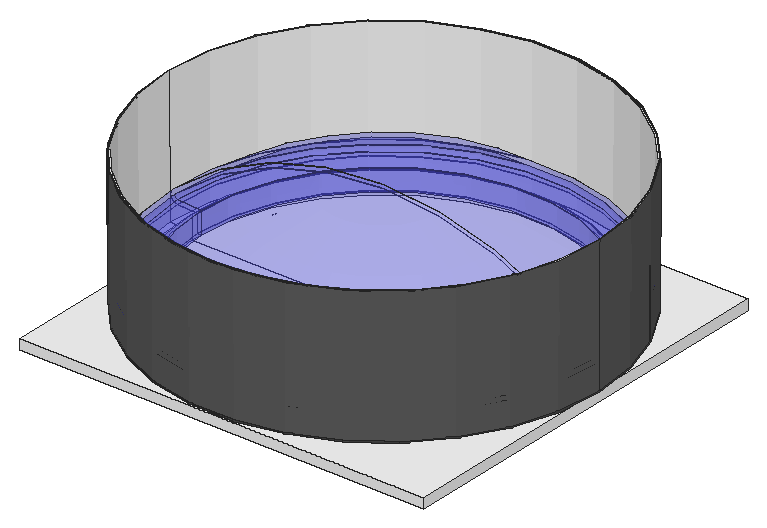
Revit family "BE_51014.1_de_DE", category Leuchten, Revit 2020
Family settings
  Basisbauteil = Fläche
  Bemaßung runder Anschluss = Durchmesser verwenden
  Teiletyp = Normal
  Beim Laden mit Abzugskörper schneiden = Ja
  Lichtquelle = Ja
  Gemeinsam genutzt = Nein
  Raumberechnungspunkt = Ja
Parameters (values of type "BEGA_51014.1_K3")
  built-in parameter 1150104 = 11.757 (stored number, unit not read)
  Wattage = 43.5 W
  Default Elevation = 0 mm
  built-in parameter 1150113 = 1 (stored number, unit not read)
  built-in parameter 1114218 = 1 (stored number, unit not read)
  Umgebungstemperatur = "25 °C"
  URL = "https://www.bega.com/de/produkt/51014.1"
  Typenkommentare = "© 2022 BEGA. Wir behalten uns das Recht vor, technische Änderungen ohne vorherige Ankündigung vorzunehmen."  # constant formula
  built-in parameter 1150134 = (empty or 0)
  built-in parameter 1150109 = 1 (stored number, unit not read)
  Strom = ""
  built-in parameter 1150110 = 1 (stored number, unit not read)
  Spannung = 239.996 V
  Sonderanfertigung = no
  Seriennummer [instance] = "Hier können Sie die eindeutige Seriennummer für das Facility Management eintragen."
  Schutzklasse = "I"
  Schutzart = "IP 20"
  Scheinlast = 0 VA
  Produktdatenblatt = "https://cdn.bega.com/bega/products/51014.1K3/current/documents/data-sheets/de"
  Oberflächentemperatur = ""
  Neigungswinkel = 0.00°
  Modell = "51014.1K3"
  Material_35 = BEGA_Oberfläche_Samtschwarz_matt
  Material_34 = BEGA_Oberfläche_Samtweiss_matt
  Material_17 = BEGA_Reflektor
  Material_15 = BEGA_Leuchtmedium_matt
  Material_11 = BEGA_Glas_opal
  Material_09 = BEGA_Glas_klar
  Material_06 = BEGA_Oberfläche_Edelstahl_gebürstet
  Material_03 = BEGA_Oberfläche_Weiss_matt
  Material_02 = BEGA_Oberfläche_Silber_matt
  Material_01 [instance] = BEGA_Oberfläche_Grafit_matt
  M_W = no
  M_G = no
  M_A = no
  Logo = 0
  built-in parameter 1114217 = 1 (stored number, unit not read)
  built-in parameter 1150139 = (empty or 0)
  built-in parameter 1150105 = 438.07 (stored number, unit not read)
  built-in parameter 1150114 = 1 (stored number, unit not read)
  Lumens = 5504.93 lm
  built-in parameter 1150115 = 1 (stored number, unit not read)
  Leuchtenlichtstrom = "4270 lm"
  Leuchtenanzahl = ""
  Lebensdauerkriterien = "L70B50 @ 25 °C = 200000 h"
  Lastklassifizierung = Beleuchtung
  built-in parameter 1150112 = 1 (stored number, unit not read)
  Lampenlichtstrom = "6435 lm"
  Lampe = "LED 42.6 W"
  LED_Modulbezeichnung = "LED-0630/930"
  Hersteller = "BEGA"  # constant formula
  Halbstreuwinkel = ""
  Gewicht = "2.95 kg"
  Gebrauchslageneinschränkung [instance] = ""
  Frequenz = "0/50-60 Hz"
  Farbwiedergabeindex = "CRI > 90"
  Farbtemperaturverschiebung bei Dämpfen der Lampe = <Keine Auswahl>
  Farbtemperatur = "3000 K"
  Color Filter = 16777215
  built-in parameter 1150133 = 10 (stored number, unit not read)
  Energieeffizienzklasse = "LED A++ - A"
  built-in parameter 1150137 = (empty or 0)
  built-in parameter 1150132 = (empty or 0)
  ENEC = "ja"
  Dimmbar [instance] = "DALI"
  Datei für fotometrisches Netz = "BE_51014.1K3.IES"
  CE_Konformität = "ja"
  Bestellnummer = "51014.1K3"
  Beschreibung_Sonderanfertigung = "Hier können Sie Informationen zur Sonderanfertigung eintragen."
  Beschreibung = "Deckenleuchte"
  built-in parameter 1150106 = 4.3807 (stored number, unit not read)
  Befestigungsbohrung = "Ø 6 mm"
  Befestigungsabstand = "340 mm"
  Ballwurfsicher = ""
  BEGA_Intern_aus = yes
  BEGA_Intern_an = yes
  BEGA_Intern_Konstruktion = yes
  BEGA_Intern = yes
  BEGA_IES = yes
  BEGA_Dummy = no
  Anschlussleitung = ""
  Anschlussleistung [instance] = "47.4 W"
  Anschlusskasten = ""
  built-in parameter 1150107 = 3000 (stored number, unit not read)
  built-in parameter 1150102 = (empty or 0)
  built-in parameter 1150138 = (empty or 0)
  Aktualisierung = "2022-05-19T04:00:07"
  Abstand_zur_angestrahlten_Fläche [instance] = ""
  AC/DC = "AC/DC"
Reference planes
  plane 1 "Mitte (Vorne/Hinten)": y = 0
  plane 2: z = 0
  plane 3 "Mitte (Links/Rechts)": x = 0
  plane 4 "Links": x = -213.964
  plane 5 "Rechts": x = 213.964
  plane 6 "Unten": y = -213.964
  plane 7 "Oben": y = 213.964
  plane 8 "Vorne": z = 144.998
  plane 9 "Hinten": z = 0
Forms (mm)
  Extrusion 1, solid, material "BEGA_Platte_Weiss"
    sketch origin (0, -1119.2, 0) x (1, 0, 0) y (0, 1, 0)
      loop
        line (-200, 1319.2) -> (-200, 919.2) -> (200, 919.2) -> (200, 1319.2) -> (-200, 1319.2)
    from 0 to -10
  Extrusion 2, solid, material "BEGA_Dummy_matt", visible <- "BEGA_Dummy"
    sketch origin (77.149, -76.023, 0) x (1, 0, 0) y (0, 1, 0)
      loop
        circle (-77.149, 76.023) r 213.965
    from 0 to 144.998
Dimensions and locks
  plane 1 "Mitte (Vorne/Hinten)" to Extrusion 1 = 200 mm
  aligned and locked: plane 2 to Extrusion 1
  aligned and locked: level to Extrusion 1
Nested families
  nested 1: "BE_51014" at (0, 0, 0), type "BE_51014"
Connectors
  electrical at (0, 0, 0), driven by "Lastklassifizierung", driven by "Spannung", driven by "Scheinlast"
    settings: index 1, voltage 239.996 V, apparent load 0 VA, apparent load phase1 0 VA, apparent load phase2 0 VA, apparent load phase3 0 VA, power factor 1, load classification "Beleuchtung", number of poles 1, system type 31, power factor state 1, is connector primary yes, connector utility no, sub classification motor no, connector description ""
Definition of nested family "BE_51014"
  Parameters (values of type "BE_51014")
    Default Elevation = 1 mm
    URL = "http://www.bega.de/de/produkt"
    Type Comments = "© 2015 BEGA. Wir behalten uns das Recht vor, technische Änderungen ohne vorherige Ankündigung vorzunehmen. "  # constant formula
    Type Image = (empty or 0)
    Neigungswinkel_um_Z2 = 0.00°
    Neigungswinkel_um_Z1 = 0.00°
    Neigungswinkel_um_Y2 = 0.00°
    Neigungswinkel_um_Y1 = 0.00°
    Neigungswinkel_um_X2 = 0.00°
    Neigungswinkel_um_X1 = 0.00°
    Material_35 = none
    Material_34 = none
    Material_17 = none
    Material_15 = none
    Material_11 = none
    Material_09 = none
    Material_06 = none
    Material_01 = none
    M_W = yes
    M_G = yes
    M_A = yes
    Länge_Platte = 200 mm  # constant formula
    Höhe_Platte = -10 mm  # constant formula
    Manufacturer = "BEGA"  # constant formula
    Drehwinkel_um_Z2 = 0.00°
    Drehwinkel_um_Z1 = 0.00°
    Breite_Platte = 200 mm  # constant formula
  Reference planes
    plane 1 "Mitte (Oben/Unten)": y = 0
    plane 2: z = 0
    plane 3 "Mitte (Links/Rechts)": x = 0
    plane 4: x = 213.964
    plane 5: y = -213.964
    plane 6: x = -213.964
    plane 7: y = 213.964
    plane 8: z = 144.998
  Forms (mm)
    Extrusion 1, solid, detail levels medium
      sketch origin (0, 0, 0) x (1, 0, 0) y (0, 1, 0)
        loop
          line (-100, 100) -> (-100, -100) -> (100, -100) -> (100, 100) -> (-100, 100)
      from 0 to -10 <- "Höhe_Platte"
    Revolve 2, solid, material <- "Material_11"
      sketch origin (0, 0, 0) x (1, 0, 0) y (0, 0, 1)
        loop
          arc (0, 119) -> (-110.735, 99.23) -> (-207.786, 42.362) r 319.999
          arc (-207.786, 42.362) -> (-209.896, 34.783) -> (-203.629, 30.029) r 7
          line (-203.629, 30.029) -> (-184, 29) -> (-184, 10.5) -> (-180.1, 10.5) -> (-180.1, 32.801) -> (-203.42, 34.023)
          arc (-203.42, 34.023) -> (-206.095, 36.03) -> (-205.252, 39.266) r 3
          arc (-205.252, 39.266) -> (-109.389, 95.462) -> (0, 115) r 315.999
          line (0, 115) -> (0, 119)
        axis (0, 119) -> (0, 10.5)
      angle from 0 to 360
    Revolve 3, solid, material <- "Material_35"
      sketch origin (0, 0, 0) x (1, 0, 0) y (0, 0, 1)
        loop
          line (-213.111, 144.995) -> (-213.964, 144.995) -> (-213.498, 11.496)
          arc (-213.498, 11.496) -> (-212.909, 10.082) -> (-211.492, 9.5) r 1.998
          line (-211.492, 9.5) -> (-193.114, 9.5) -> (-193, 2.956)
          arc (-193, 2.956) -> (-192.1, 0.863) -> (-189.991, 0) r 3.009
          line (-189.991, 0) -> (-181, 0) -> (-181, 2.5) -> (-190.991, 2.5) -> (-191.133, 10.623) -> (-212.642, 10.623) -> (-213.111, 144.995)
        axis (0, 144.995) -> (0, 0)
      angle from 0 to 360
    Revolve 4, solid, material <- "Material_34"
      sketch origin (0, 0, 0) x (1, 0, 0) y (0, 0, 1)
        loop
          line (-190.633, 2.5) -> (0, 2.5) -> (0, 3.5) -> (-189.65, 3.5) -> (-190.038, 25.714) -> (-191.038, 25.714) -> (-190.633, 2.5)
        axis (0, 25.714) -> (0, 2.5)
      angle from 0 to 360
    Revolve 5, solid, material <- "Material_34"
      sketch origin (0, 0, 0) x (1, 0, 0) y (0, 0, 1)
        loop
          line (-213.158, 144.998) -> (-212.689, 10.647) -> (-191.228, 10.647) -> (-191.228, 11.496) -> (-211.887, 11.496) -> (-212.353, 144.998) -> (-213.158, 144.998)
        axis (0, 144.998) -> (0, 10.647)
      angle from 0 to 360
  Dimensions and locks
    equal spacing: Extrusion 1 sketch curve, plane 3 "Mitte (Links/Rechts)", Extrusion 1 sketch curve
    equal spacing: Extrusion 1 sketch curve, plane 1 "Mitte (Oben/Unten)", Extrusion 1 sketch curve
    "Länge_Platte": Extrusion 1 sketch curve to Extrusion 1 sketch curve
    "Breite_Platte": Extrusion 1 sketch curve to Extrusion 1 sketch curve
    aligned and locked: plane 2 to Extrusion 1
    aligned and locked: level to Extrusion 1
  Automatic sketch dimensions
    Revolve 2 sketch curve to plane 3 "Mitte (Links/Rechts)" = 0 mm
    Revolve 2 sketch curve to plane 3 "Mitte (Links/Rechts)" = 0.001 mm
    plane 3 "Mitte (Links/Rechts)" to Revolve 2 sketch curve = 0 mm
    Revolve 2 sketch curve to level = 200.999 mm
    Revolve 2 sketch curve to Revolve 2 sketch curve = 0.001 mm
    level to Revolve 2 sketch curve = 39.266 mm
    Revolve 2 sketch curve to Revolve 2 sketch curve = 2.535 mm
    level to Revolve 2 sketch curve = 115 mm
    Revolve 2 sketch curve to Revolve 2 sketch curve = 3.096 mm
    Revolve 2 sketch curve to Revolve 2 sketch curve = 1.988 mm
    Revolve 2 sketch curve to Revolve 2 sketch curve = 2.246 mm
    Revolve 2 sketch curve to Revolve 2 sketch curve = 0.366 mm
    Revolve 2 sketch curve to Revolve 2 sketch curve = 0 mm  (x4)
    Revolve 2 sketch curve to Revolve 2 sketch curve = 0.157 mm
    level to Revolve 2 sketch curve = 10.5 mm
    Revolve 2 sketch curve to Revolve 2 sketch curve = 19.629 mm
    Revolve 2 sketch curve to Revolve 2 sketch curve = 3.9 mm
    level to Revolve 2 sketch curve = 30.029 mm
    level to Revolve 2 sketch curve = 34.023 mm
    level to Revolve 2 sketch curve = 29 mm
    level to Revolve 2 sketch curve = 32.801 mm
    Revolve 4 sketch curve to plane 3 "Mitte (Links/Rechts)" = 0 mm
    level to Revolve 4 sketch curve = 3.5 mm
    Revolve 4 sketch curve to Revolve 4 sketch curve = 189.65 mm
    level to Revolve 4 sketch curve = 2.5 mm
    Revolve 4 sketch curve to Revolve 4 sketch curve = 0.983 mm
    Revolve 4 sketch curve to Revolve 4 sketch curve = 0.388 mm
    level to Revolve 4 sketch curve = 25.714 mm
    Revolve 4 sketch curve to Revolve 4 sketch curve = 1 mm
    Revolve 3 sketch curve to level = 0 mm
    Revolve 3 sketch curve to plane 3 "Mitte (Links/Rechts)" = 0 mm
    Revolve 3 sketch curve to plane 3 "Mitte (Links/Rechts)" = 181 mm
    level to Revolve 3 sketch curve = 3.009 mm
    Revolve 3 sketch curve to Revolve 3 sketch curve = 8.991 mm
    Revolve 3 sketch curve to Revolve 3 sketch curve = 1 mm
    level to Revolve 3 sketch curve = 9.5 mm
    Revolve 3 sketch curve to Revolve 3 sketch curve = 3.123 mm
    Revolve 3 sketch curve to Revolve 3 sketch curve = 0.008 mm
    Revolve 3 sketch curve to Revolve 3 sketch curve = 1.142 mm
    Revolve 3 sketch curve to Revolve 3 sketch curve = 1.611 mm
    Revolve 3 sketch curve to Revolve 3 sketch curve = 0.856 mm
    Revolve 3 sketch curve to Revolve 3 sketch curve = 0.853 mm
    Revolve 3 sketch curve to Revolve 3 sketch curve = 2.5 mm
    Revolve 3 sketch curve to Revolve 3 sketch curve = 0.873 mm
    Revolve 3 sketch curve to Revolve 3 sketch curve = 133.499 mm
    Revolve 3 sketch curve to Revolve 3 sketch curve = 0 mm  (x3)
    level to Revolve 3 sketch curve = 10.623 mm
    Revolve 3 sketch curve to Revolve 3 sketch curve = 2.008 mm
    level to Revolve 3 sketch curve = 2.956 mm
    Revolve 3 sketch curve to Revolve 3 sketch curve = 1.981 mm
    Revolve 3 sketch curve to level = 413.745 mm
    Revolve 3 sketch curve to Revolve 3 sketch curve = 639.873 mm
    Revolve 3 sketch curve to Revolve 3 sketch curve = 20.358 mm
    Revolve 5 sketch curve to plane 3 "Mitte (Links/Rechts)" = 213.158 mm
    Revolve 5 sketch curve to Revolve 5 sketch curve = 0.804 mm
    level to Revolve 5 sketch curve = 10.647 mm
    Revolve 5 sketch curve to Revolve 5 sketch curve = 21.125 mm
    Revolve 5 sketch curve to Revolve 5 sketch curve = 134.35 mm
    Revolve 5 sketch curve to Revolve 5 sketch curve = 21.46 mm
    Revolve 5 sketch curve to Revolve 5 sketch curve = 0.801 mm
    Revolve 5 sketch curve to Revolve 5 sketch curve = 0.849 mm
